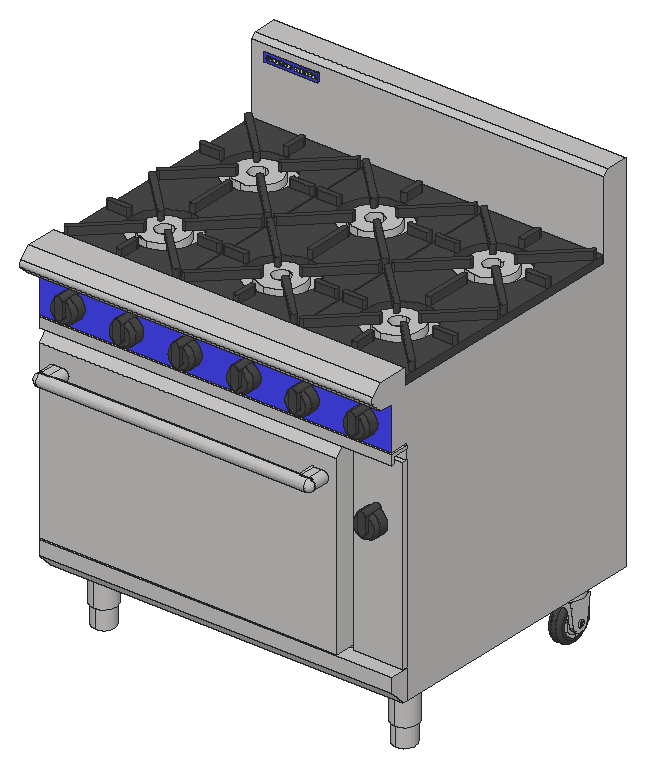
Revit family "QF_MOFFAT_BLUESEAL_CE_G506D", category Specialty Equipment, Revit 2012
Parameters
  Width = 900 mm  # constant formula
  Weight in Pounds = 460
  URL Cutsheet = "www.moffat.com"
  URL = "www.moffat.com"
  Type Mark [instance] = ""
  Status [instance] = ""
  Specification by User [instance] = ""
  Specification by Manufacturer = ""
  Show Logo [instance] = yes
  Show Clearance [instance] = yes
  Show Casters [instance] = yes
  Serial Number = ""
  Seismic Rating = ""
  SMACNA No = ""
  Revision Code [instance] = ""
  Omniclass Number and Title = ""
  NAFEM Spec ID Number = ""
  Model = "G506D"
  Mechanical Remarks = ""
  Mechanical Connection Type [instance] = ""
  Masterspec = ""
  Manufacturer = "MOFFAT BLUESEAL"
  Legs [instance] = not(Show Casters)  # no
  Item Number [instance] = ""
  Installed By [instance] = ""
  Identify Quantity as Lot [instance] = yes
  Height = 970 mm  # constant formula
  Gas Size = 3/4"
  Gas RI Height [instance] = 0 mm
  Gas KW [instance] = 51
  Gas Input [instance] = 174300.0 Btu/h
  Gas Connection Height = 0 mm
  Furnished By [instance] = ""
  Foodservice Equipment Identifier [instance] = yes
  Description = "900MM GAS RANGE WITH STATIC OVEN"
  Depth = 812 mm  # constant formula
  CSI MasterFormat = ""
  CSI Master Format = ""
  Body Finish = QF_Finishes_Stainless Steel
Reference planes
  plane 1 "BACK": y = 0
  plane 2: z = 0
  plane 3 "LEFT": x = 0
  plane 4 "RIGHT": x = 900
  plane 5 "FRONT": y = -812
  plane 6 "TOP": z = 970
  plane 7 "Center Y": x = 450
  plane 8 "Center X": y = -406
  plane 9: x = 280
  plane 10: y = -574.272
  plane 11: x = 60
  plane 12: y = -304.972
  plane 13: y = -364.972
  plane 14: x = 74
  plane 15: y = -812
  plane 16: x = 834.5
  plane 17: y = -32
  plane 18: z = 655
  plane 19: y = -100
  plane 20: z = 1085
  plane 21: y = -705
  plane 22: x = 65.8
  plane 23: x = 534.2
  plane 24: x = 834.2
Forms (mm)
  Extrusion 1, solid, material "QF_Finishes_Stainless Steel" <- "Body Finish"
    sketch origin (0, 0, 0) x (0, 1, 0) y (0, 0, 1)
      loop
        line (0, 150) -> (0, 1085) -> (-57.5, 1085) -> (-70, 1072.5) -> (-70, 875) -> (-705, 875) -> (-705, 915) -> (-783.97, 915) -> (-808.476, 890.494)
        arc (-808.476, 890.494) -> (-811.994, 882) -> (-808.476, 873.506) r 12.013
        line (-808.476, 873.506) -> (-784.97, 850) -> (-749, 850) -> (-749, 740) -> (-699, 740) -> (-699, 150) -> (0, 150)
    from 0 to 900
  Extrusion 2, solid, material "QF_Finishes_Stainless Steel"
    sketch origin (0, 7, 0) x (0, 1, 0) y (0, 0, 1)
      loop
        line (-706, 700) -> (-732, 700) -> (-756, 676) -> (-756, 227.5) -> (-706, 227.5) -> (-706, 700)
    from 0 to 760
  Extrusion 3, solid, material "QF_Finishes_Stainless Steel"
    sketch origin (723.5, 7, 0) x (0, 1, 0) y (0, 0, 1)
      loop
        line (-706, 700) -> (-721, 700) -> (-721, 227.5) -> (-706, 227.5) -> (-706, 700)
    from 51.5 to 176.5
  Revolve 4, solid, material "QF_Finishes_Stainless Steel" <- "Body Finish"
    sketch origin (834.5, -696.126, 0) x (0, 1, 0) y (0, 0, -1)
      loop
        line (39.376, -150) -> (71.126, -150) -> (71.126, 0) -> (43.626, 0) -> (43.626, -50) -> (39.376, -50) -> (39.376, -150)
      axis (71.126, -150) -> (71.126, 0)
    angle from 0 to 360
  Revolve 5, solid, material "QF_Finishes_Stainless Steel" <- "Body Finish"
    sketch origin (65.5, -696.126, 0) x (0, 1, 0) y (0, 0, 1)
      loop
        line (39.376, 150) -> (39.376, 50) -> (43.626, 50) -> (43.626, 0) -> (71.126, 0) -> (71.126, 150) -> (39.376, 150)
      axis (71.126, 150) -> (71.126, 0)
    angle from 0 to 360
  Extrusion 6, solid, material "QF_Finishes_Stainless Steel"
    sketch origin (-64.5, 0, 325) x (1, 0, 0) y (0, 1, 0)
      loop
        circle (834.5, -32) r 10
    from 330 to 371
  Revolve 7, solid, material "QF_Finishes_Black"
    sketch origin (839.351, 45.874, -0.118) x (0, 1, 0) y (0, 0, 1)
      loop
        line (-827.874, 829.5) -> (-838.874, 823.651) -> (-838.874, 797) -> (-794.874, 797) -> (-794.874, 802) -> (-804.874, 802) -> (-804.874, 829.5) -> (-827.874, 829.5)
      axis (-838.874, 797) -> (-794.874, 797)
    angle from 0 to 360
  Revolve 8, solid, material "QF_Finishes_Black"
    sketch origin (689.351, 45.874, -0.118) x (0, 1, 0) y (0, 0, 1)
      loop
        line (-827.874, 829.5) -> (-838.874, 823.651) -> (-838.874, 797) -> (-794.874, 797) -> (-794.874, 802) -> (-804.874, 802) -> (-804.874, 829.5) -> (-827.874, 829.5)
      axis (-838.874, 797) -> (-794.874, 797)
    angle from 0 to 360
  Revolve 9, solid, material "QF_Finishes_Black"
    sketch origin (90.649, 45.874, -0.118) x (0, 1, 0) y (0, 0, -1)
      loop
        line (-827.874, -829.5) -> (-804.874, -829.5) -> (-804.874, -802) -> (-794.874, -802) -> (-794.874, -797) -> (-838.874, -797) -> (-838.874, -823.651) -> (-827.874, -829.5)
      axis (-838.874, -797) -> (-794.874, -797)
    angle from 0 to 360
  Revolve 10, solid, material "QF_Finishes_Black"
    sketch origin (240.649, 45.874, -0.118) x (0, 1, 0) y (0, 0, -1)
      loop
        line (-827.874, -829.5) -> (-804.874, -829.5) -> (-804.874, -802) -> (-794.874, -802) -> (-794.874, -797) -> (-838.874, -797) -> (-838.874, -823.651) -> (-827.874, -829.5)
      axis (-838.874, -797) -> (-794.874, -797)
    angle from 0 to 360
  Revolve 11, solid, material "QF_Finishes_Black"
    sketch origin (390.625, 45.874, -0.118) x (0, 1, 0) y (0, 0, -1)
      loop
        line (-827.874, -829.5) -> (-804.874, -829.5) -> (-804.874, -802) -> (-794.874, -802) -> (-794.874, -797) -> (-838.874, -797) -> (-838.874, -823.651) -> (-827.874, -829.5)
      axis (-838.874, -797) -> (-794.874, -797)
    angle from 0 to 360
  Extrusion 12, solid, material "QF_Finishes_Black"
    sketch origin (238.456, 7, -0.118) x (-1, 0, 0) y (0, 0, -1)
      loop
        arc (158.3, -789) -> (148.3, -779) -> (138.3, -789) r 10
        line (138.3, -789) -> (138.3, -824)
        arc (138.3, -824) -> (148.3, -834) -> (158.3, -824) r 10
        line (158.3, -824) -> (158.3, -789)
    from 759 to 808
  Extrusion 13, solid, material "QF_Finishes_Black"
    sketch origin (388.456, 7, -0.118) x (-1, 0, 0) y (0, 0, -1)
      loop
        arc (158.3, -789) -> (148.3, -779) -> (138.3, -789) r 10
        line (138.3, -789) -> (138.3, -824)
        arc (138.3, -824) -> (148.3, -834) -> (158.3, -824) r 10
        line (158.3, -824) -> (158.3, -789)
    from 759 to 808
  Extrusion 14, solid, material "QF_Finishes_Black"
    sketch origin (691.544, 7, -0.118) x (1, 0, 0) y (0, 0, 1)
      loop
        line (158.3, 789) -> (158.3, 824)
        arc (158.3, 824) -> (148.3, 834) -> (138.3, 824) r 10
        line (138.3, 824) -> (138.3, 789)
        arc (138.3, 789) -> (148.3, 779) -> (158.3, 789) r 10
    from 759 to 808
  Extrusion 15, solid, material "QF_Finishes_Black"
    sketch origin (541.544, 7, -0.118) x (1, 0, 0) y (0, 0, 1)
      loop
        line (158.3, 789) -> (158.3, 824)
        arc (158.3, 824) -> (148.3, 834) -> (138.3, 824) r 10
        line (138.3, 824) -> (138.3, 789)
        arc (138.3, 789) -> (148.3, 779) -> (158.3, 789) r 10
    from 759 to 808
  Extrusion 16, solid, material "QF_Finishes_Black"
    sketch origin (538.432, 7, -0.118) x (-1, 0, 0) y (0, 0, -1)
      loop
        arc (158.3, -789) -> (148.3, -779) -> (138.3, -789) r 10
        line (138.3, -789) -> (138.3, -824)
        arc (138.3, -824) -> (148.3, -834) -> (158.3, -824) r 10
        line (158.3, -824) -> (158.3, -789)
    from 759 to 808
  Extrusion 17, solid, material "QF_Finishes_Black"
    sketch origin (688.432, 7, -0.118) x (-1, 0, 0) y (0, 0, -1)
      loop
        arc (158.3, -789) -> (148.3, -779) -> (138.3, -789) r 10
        line (138.3, -789) -> (138.3, -824)
        arc (138.3, -824) -> (148.3, -834) -> (158.3, -824) r 10
        line (158.3, -824) -> (158.3, -789)
    from 759 to 808
  Revolve 18, solid, material "QF_Finishes_Black"
    sketch origin (836.851, 80.874, -245.743) x (0, 1, 0) y (0, 0, 1)
      loop
        line (-827.874, 829.5) -> (-838.874, 823.651) -> (-838.874, 797) -> (-794.874, 797) -> (-794.874, 802) -> (-804.874, 802) -> (-804.874, 829.5) -> (-827.874, 829.5)
      axis (-838.874, 797) -> (-794.874, 797)
    angle from 0 to 360
  Extrusion 19, solid, material "QF_Finishes_Black"
    sketch origin (689.044, 42, -245.743) x (1, 0, 0) y (0, 0, 1)
      loop
        line (158.3, 789) -> (158.3, 824)
        arc (158.3, 824) -> (148.3, 834) -> (138.3, 824) r 10
        line (138.3, 824) -> (138.3, 789)
        arc (138.3, 789) -> (148.3, 779) -> (158.3, 789) r 10
    from 759 to 808
  Extrusion 20, solid, material "QF_Door-Drawer Clearances", visible <- "Show Clearance", detail levels coarse
    sketch origin (0, 7, 0) x (0, -1, 0) y (0, 0, 1)
      loop
        line (756, 697.347) -> (756, 227.5) -> (1225.847, 227.5)
        arc (1225.847, 227.5) -> (1088.232, 559.732) -> (756, 697.347) r 469.847
    from 0 to -760
  Extrusion 21, void
    sketch origin (0, 0, 220) x (1, 0, 0) y (0, 1, 0)
      loop
        line (824, -87) -> (824, 0) -> (694, 0) -> (694, -39) -> (744, -87) -> (824, -87)
    from 0 to 476
  Revolve 22, solid, material "QF_Finishes_Black"
    sketch origin (540.625, 45.874, -0.118) x (0, 1, 0) y (0, 0, -1)
      loop
        line (-827.874, -829.5) -> (-804.874, -829.5) -> (-804.874, -802) -> (-794.874, -802) -> (-794.874, -797) -> (-838.874, -797) -> (-838.874, -823.651) -> (-827.874, -829.5)
      axis (-838.874, -797) -> (-794.874, -797)
    angle from 0 to 360
  Extrusion 23, solid, material "QF_Finishes_Stainless Steel"
    sketch origin (0, -749, 227.5) x (0, 0, 1) y (-1, 0, 0)
      loop
        line (380.625, -38.246) -> (380.625, -58.528)
        arc (380.625, -58.528) -> (395.625, -73.528) -> (410.625, -58.528) r 15
        line (410.625, -58.528) -> (410.625, -38.246)
        arc (410.625, -38.246) -> (395.625, -23.246) -> (380.625, -38.246) r 15
      loop
        arc (380.625, -723.039) -> (395.625, -738.039) -> (410.625, -723.039) r 15
        line (410.625, -723.039) -> (410.625, -702.757)
        arc (410.625, -702.757) -> (395.625, -687.757) -> (380.625, -702.757) r 15
        line (380.625, -702.757) -> (380.625, -723.039)
    from 0 to 44
  Revolve 24, solid, material "QF_Finishes_Stainless Steel"
    sketch origin (0, -793, 0) x (1, 0, 0) y (0, 0, 1)
      loop
        arc (738.039, 623.125) -> (733.646, 633.732) -> (723.039, 638.125) r 15
        line (723.039, 638.125) -> (38.246, 638.125)
        arc (38.246, 638.125) -> (27.64, 633.732) -> (23.246, 623.125) r 15
        line (23.246, 623.125) -> (738.039, 623.125)
      axis (738.039, 623.125) -> (23.246, 623.125)
    angle from 0 to 360
  Extrusion 25, solid, material "QF_Finishes_Stainless Steel" <- "Body Finish"
    sketch origin (0, 7, 0) x (0, 1, 0) y (0, 0, 1)
      loop
        line (-756, 710) -> (-747.224, 710) -> (-749.613, 726.999) -> (-707.93, 726.999) -> (-707.93, 734.003) -> (-756, 734.003) -> (-756, 710)
    from 0 to 900
  Extrusion 26, solid, material "QF_Finishes_Stainless Steel" <- "Body Finish"
    sketch origin (0, 4.73, 0) x (0, 1, 0) y (0, 0, 1)
      loop
        line (-753.73, 222.5) -> (-753.73, 186) -> (-717.73, 150) -> (-703.73, 150) -> (-703.73, 222.5) -> (-753.73, 222.5)
    from 0 to 900
  Extrusion 27, solid, material "QF_Finishes_Stainless Steel", visible <- "Show Casters"
    sketch origin (71.501, 133.353, -8.783) x (0, 1, 0) y (0, 0, 1)
      loop
        line (-201.603, 118.783) -> (-265.103, 118.783) -> (-252.746, 53.895)
        arc (-252.746, 53.895) -> (-233.353, 38.783) -> (-213.959, 53.895) r 20
        line (-213.959, 53.895) -> (-201.603, 118.783)
    from -35.667 to 22.923
  Revolve 28, solid, material "QF_Finishes_Stainless Steel", visible <- "Show Casters"
    sketch origin (65, -203, 0) x (0, 1, 0) y (0, 0, 1)
      loop
        line (67.25, 150) -> (67.25, 110) -> (103, 110) -> (103, 150) -> (67.25, 150)
      axis (103, 150) -> (103, 110)
    angle from 0 to 360
  Revolve 29, solid, material "QF_Finishes_Stainless Steel", visible <- "Show Casters"
    sketch origin (834.5, -203, 0) x (0, 1, 0) y (0, 0, -1)
      loop
        line (67.25, -150) -> (103, -150) -> (103, -110) -> (67.25, -110) -> (67.25, -150)
      axis (103, -150) -> (103, -110)
    angle from 0 to 360
  Revolve 30, solid, material "QF_Finishes_Stainless Steel", visible <- "Show Casters"
    sketch origin (785.276, -99.755, -13.653) x (1, 0, 0) y (0, 0, 1)
      loop
        line (14.841, 64.453) -> (83.584, 64.453) -> (83.584, 67.958) -> (82.314, 69.228) -> (80.79, 69.228) -> (80.79, 72.674) -> (68.644, 72.674) -> (68.644, 82.639) -> (65.088, 84.692) -> (63.738, 93.028) -> (65.881, 93.028) -> (65.881, 99.378) -> (65.088, 99.378) -> (65.088, 105.728)
        arc (65.088, 105.728) -> (62.298, 112.463) -> (55.563, 115.253) r 9.525
        line (55.563, 115.253) -> (42.863, 115.253)
        arc (42.863, 115.253) -> (36.127, 112.463) -> (33.338, 105.728) r 9.525
        line (33.338, 105.728) -> (33.338, 99.378) -> (32.544, 99.378) -> (32.544, 93.028) -> (34.687, 93.028) -> (33.352, 84.781) -> (29.782, 82.719) -> (29.782, 72.674) -> (17.635, 72.674) -> (17.635, 69.228) -> (16.111, 69.228) -> (14.841, 67.958) -> (14.841, 64.453)
      axis (14.841, 64.453) -> (83.584, 64.453)
    angle from 0 to 360
  Extrusion 31, solid, material "QF_Finishes_Stainless Steel", visible <- "Show Casters"
    sketch origin (841.001, 133.353, -8.783) x (0, 1, 0) y (0, 0, 1)
      loop
        line (-201.603, 118.783) -> (-265.103, 118.783) -> (-252.746, 53.895)
        arc (-252.746, 53.895) -> (-233.353, 38.783) -> (-213.959, 53.895) r 20
        line (-213.959, 53.895) -> (-201.603, 118.783)
    from -35.667 to 22.923
  Revolve 32, solid, material "QF_Finishes_Stainless Steel", visible <- "Legs"
    sketch origin (65, -165, 0) x (0, 1, 0) y (0, 0, 1)
      loop
        line (33.25, 150) -> (33.25, 50) -> (37.5, 50) -> (37.5, 0) -> (65, 0) -> (65, 150) -> (33.25, 150)
      axis (65, 150) -> (65, 0)
    angle from 0 to 360
  Revolve 33, solid, material "QF_Finishes_Stainless Steel", visible <- "Legs"
    sketch origin (834.5, -165, 0) x (0, 1, 0) y (0, 0, -1)
      loop
        line (33.25, -150) -> (65, -150) -> (65, 0) -> (37.5, 0) -> (37.5, -50) -> (33.25, -50) -> (33.25, -150)
      axis (65, -150) -> (65, 0)
    angle from 0 to 360
  Revolve 34, solid, material "QF_Finishes_Stainless Steel", visible <- "Show Casters"
    sketch origin (114.224, -99.755, -13.653) x (-1, 0, 0) y (0, 0, -1)
      loop
        line (14.841, -64.453) -> (14.841, -67.958) -> (16.111, -69.228) -> (17.635, -69.228) -> (17.635, -72.674) -> (29.782, -72.674) -> (29.782, -82.719) -> (33.352, -84.781) -> (34.687, -93.028) -> (32.544, -93.028) -> (32.544, -99.378) -> (33.338, -99.378) -> (33.338, -105.728)
        arc (33.338, -105.728) -> (36.127, -112.463) -> (42.863, -115.253) r 9.525
        line (42.863, -115.253) -> (55.563, -115.253)
        arc (55.563, -115.253) -> (62.298, -112.463) -> (65.088, -105.728) r 9.525
        line (65.088, -105.728) -> (65.088, -99.378) -> (65.881, -99.378) -> (65.881, -93.028) -> (63.738, -93.028) -> (65.088, -84.692) -> (68.644, -82.639) -> (68.644, -72.674) -> (80.79, -72.674) -> (80.79, -69.228) -> (82.314, -69.228) -> (83.584, -67.958) -> (83.584, -64.453) -> (14.841, -64.453)
      axis (14.841, -64.453) -> (83.584, -64.453)
    angle from 0 to 360
  Extrusion 35, solid, material "QF_Finishes_Black"
    sketch origin (0, -70, 875) x (0, -1, 0) y (1, 0, 0)
      loop
        arc (1, 4) -> (1.879, 1.879) -> (4, 1) r 3
        line (4, 1) -> (632, 1)
        arc (632, 1) -> (634.121, 1.879) -> (635, 4) r 3
        line (635, 4) -> (635, 297)
        arc (635, 297) -> (634.121, 299.121) -> (632, 300) r 3
        line (632, 300) -> (4, 300)
        arc (4, 300) -> (1.879, 299.121) -> (1, 297) r 3
        line (1, 297) -> (1, 4)
      loop
        circle (167.5, 150) r 85
      loop
        circle (467.768, 150) r 85
    from 0 to 19.5
  Extrusion 36, solid, material "QF_Finishes_Black"
    sketch origin (0, -73.5, 894.5) x (0, -1, 0) y (1, 0, 0)
      loop
        spline (323.602, 15.153) -> (322.681, 13.924) -> (322.131, 12.47) -> (321.99, 10.89) -> (322.267, 9.292) -> (322.943, 7.786) -> (323.973, 6.473) -> (325.286, 5.443) -> (326.792, 4.767) -> (328.39, 4.49) -> (329.97, 4.631) -> (331.424, 5.181) -> (332.653, 6.102)
        line (332.653, 6.102) -> (440.576, 114.025)
        spline (440.576, 114.025) -> (441.337, 115.095) -> (441.738, 116.399) -> (441.751, 117.851) -> (441.375, 119.35) -> (440.637, 120.795) -> (439.586, 122.086) -> (438.295, 123.137) -> (436.85, 123.875) -> (435.351, 124.251) -> (433.899, 124.238) -> (432.595, 123.837) -> (431.525, 123.076)
        line (431.525, 123.076) -> (323.602, 15.153)
      loop
        spline (371.852, 143.6) -> (373.146, 143.818) -> (374.352, 144.457) -> (375.388, 145.475) -> (376.182, 146.8) -> (376.682, 148.344) -> (376.852, 150) -> (376.682, 151.656) -> (376.182, 153.2) -> (375.388, 154.525) -> (374.352, 155.543) -> (373.146, 156.182) -> (371.852, 156.4)
        line (371.852, 156.4) -> (259.398, 156.4)
        spline (259.398, 156.4) -> (258.104, 156.182) -> (256.898, 155.543) -> (255.862, 154.525) -> (255.068, 153.2) -> (254.568, 151.656) -> (254.398, 150) -> (254.568, 148.344) -> (255.068, 146.8) -> (255.862, 145.475) -> (256.898, 144.457) -> (258.104, 143.818) -> (259.398, 143.6)
        line (259.398, 143.6) -> (371.852, 143.6)
      loop
        line (311.398, 15.153) -> (203.475, 123.076)
        spline (203.475, 123.076) -> (202.405, 123.837) -> (201.101, 124.238) -> (199.649, 124.251) -> (198.15, 123.875) -> (196.705, 123.137) -> (195.414, 122.086) -> (194.363, 120.795) -> (193.625, 119.35) -> (193.249, 117.851) -> (193.262, 116.399) -> (193.663, 115.095) -> (194.424, 114.025)
        line (194.424, 114.025) -> (302.347, 6.102)
        spline (302.347, 6.102) -> (303.416, 5.341) -> (304.721, 4.941) -> (306.172, 4.928) -> (307.671, 5.303) -> (309.116, 6.041) -> (310.408, 7.092) -> (311.459, 8.384) -> (312.197, 9.829) -> (312.572, 11.328) -> (312.559, 12.779) -> (312.159, 14.084) -> (311.398, 15.153)
      loop
        line (323.602, 284.847) -> (431.525, 176.924)
        spline (431.525, 176.924) -> (432.595, 176.163) -> (433.899, 175.762) -> (435.351, 175.749) -> (436.85, 176.125) -> (438.295, 176.863) -> (439.586, 177.914) -> (440.637, 179.205) -> (441.375, 180.65) -> (441.751, 182.149) -> (441.738, 183.601) -> (441.337, 184.905) -> (440.576, 185.975)
        line (440.576, 185.975) -> (332.653, 293.898)
        spline (332.653, 293.898) -> (331.424, 294.819) -> (329.97, 295.369) -> (328.39, 295.51) -> (326.792, 295.233) -> (325.286, 294.557) -> (323.973, 293.527) -> (322.943, 292.214) -> (322.267, 290.708) -> (321.99, 289.11) -> (322.131, 287.53) -> (322.681, 286.076) -> (323.602, 284.847)
      loop
        spline (311.398, 284.847) -> (312.159, 285.916) -> (312.559, 287.221) -> (312.572, 288.672) -> (312.197, 290.171) -> (311.459, 291.616) -> (310.408, 292.908) -> (309.116, 293.959) -> (307.671, 294.697) -> (306.172, 295.072) -> (304.721, 295.059) -> (303.416, 294.659) -> (302.347, 293.898)
        line (302.347, 293.898) -> (194.424, 185.975)
        spline (194.424, 185.975) -> (193.663, 184.905) -> (193.262, 183.601) -> (193.249, 182.149) -> (193.625, 180.65) -> (194.363, 179.205) -> (195.414, 177.914) -> (196.705, 176.863) -> (198.15, 176.125) -> (199.649, 175.749) -> (201.101, 175.762) -> (202.405, 176.163) -> (203.475, 176.924)
        line (203.475, 176.924) -> (311.398, 284.847)
      loop
        spline (73.549, 143.6) -> (74.844, 143.818) -> (76.049, 144.457) -> (77.085, 145.475) -> (77.88, 146.8) -> (78.379, 148.344) -> (78.549, 150) -> (78.379, 151.656) -> (77.88, 153.2) -> (77.085, 154.525) -> (76.049, 155.543) -> (74.844, 156.182) -> (73.549, 156.4)
        line (73.549, 156.4) -> (25.093, 156.4)
        spline (25.093, 156.4) -> (23.799, 156.182) -> (22.593, 155.543) -> (21.558, 154.525) -> (20.763, 153.2) -> (20.264, 151.656) -> (20.093, 150) -> (20.264, 148.344) -> (20.763, 146.8) -> (21.558, 145.475) -> (22.593, 144.457) -> (23.799, 143.818) -> (25.093, 143.6)
        line (25.093, 143.6) -> (73.549, 143.6)
      loop
        spline (608.1, 143.6) -> (609.394, 143.818) -> (610.6, 144.457) -> (611.636, 145.475) -> (612.43, 146.8) -> (612.93, 148.344) -> (613.1, 150) -> (612.93, 151.656) -> (612.43, 153.2) -> (611.636, 154.525) -> (610.6, 155.543) -> (609.394, 156.182) -> (608.1, 156.4)
        line (608.1, 156.4) -> (558.644, 156.4)
        spline (558.644, 156.4) -> (557.35, 156.182) -> (556.144, 155.543) -> (555.108, 154.525) -> (554.314, 153.2) -> (553.814, 151.656) -> (553.644, 150) -> (553.814, 148.344) -> (554.314, 146.8) -> (555.108, 145.475) -> (556.144, 144.457) -> (557.35, 143.818) -> (558.644, 143.6)
        line (558.644, 143.6) -> (608.1, 143.6)
      loop
        spline (457.6, 10.156) -> (457.818, 8.862) -> (458.457, 7.656) -> (459.475, 6.62) -> (460.8, 5.826) -> (462.344, 5.326) -> (464, 5.156) -> (465.656, 5.326) -> (467.2, 5.826) -> (468.525, 6.62) -> (469.543, 7.656) -> (470.182, 8.862) -> (470.4, 10.156)
        line (470.4, 10.156) -> (470.4, 58.612)
        spline (470.4, 58.612) -> (470.182, 59.906) -> (469.543, 61.112) -> (468.525, 62.148) -> (467.2, 62.942) -> (465.656, 63.442) -> (464, 63.612) -> (462.344, 63.442) -> (460.8, 62.942) -> (459.475, 62.148) -> (458.457, 61.112) -> (457.818, 59.906) -> (457.6, 58.612)
        line (457.6, 58.612) -> (457.6, 10.156)
      loop
        spline (160.966, 10.156) -> (161.184, 8.862) -> (161.823, 7.656) -> (162.841, 6.62) -> (164.166, 5.826) -> (165.71, 5.326) -> (167.366, 5.156) -> (169.022, 5.326) -> (170.566, 5.826) -> (171.892, 6.62) -> (172.909, 7.656) -> (173.548, 8.862) -> (173.766, 10.156)
        line (173.766, 10.156) -> (173.766, 58.612)
        spline (173.766, 58.612) -> (173.548, 59.906) -> (172.909, 61.112) -> (171.892, 62.148) -> (170.566, 62.942) -> (169.022, 63.442) -> (167.366, 63.612) -> (165.71, 63.442) -> (164.166, 62.942) -> (162.841, 62.148) -> (161.823, 61.112) -> (161.184, 59.906) -> (160.966, 58.612)
        line (160.966, 58.612) -> (160.966, 10.156)
      loop
        spline (457.6, 241.636) -> (457.818, 240.342) -> (458.457, 239.136) -> (459.475, 238.1) -> (460.8, 237.306) -> (462.344, 236.806) -> (464, 236.636) -> (465.656, 236.806) -> (467.2, 237.306) -> (468.525, 238.1) -> (469.543, 239.136) -> (470.182, 240.342) -> (470.4, 241.636)
        line (470.4, 241.636) -> (470.4, 290.092)
        spline (470.4, 290.092) -> (470.182, 291.386) -> (469.543, 292.592) -> (468.525, 293.628) -> (467.2, 294.422) -> (465.656, 294.922) -> (464, 295.092) -> (462.344, 294.922) -> (460.8, 294.422) -> (459.475, 293.628) -> (458.457, 292.592) -> (457.818, 291.386) -> (457.6, 290.092)
        line (457.6, 290.092) -> (457.6, 241.636)
      loop
        spline (160.966, 241.636) -> (161.184, 240.342) -> (161.823, 239.136) -> (162.841, 238.1) -> (164.166, 237.306) -> (165.71, 236.806) -> (167.366, 236.636) -> (169.022, 236.806) -> (170.566, 237.306) -> (171.892, 238.1) -> (172.909, 239.136) -> (173.548, 240.342) -> (173.766, 241.636)
        line (173.766, 241.636) -> (173.766, 290.092)
        spline (173.766, 290.092) -> (173.548, 291.386) -> (172.909, 292.592) -> (171.892, 293.628) -> (170.566, 294.422) -> (169.022, 294.922) -> (167.366, 295.092) -> (165.71, 294.922) -> (164.166, 294.422) -> (162.841, 293.628) -> (161.823, 292.592) -> (161.184, 291.386) -> (160.966, 290.092)
        line (160.966, 290.092) -> (160.966, 241.636)
      loop
        line (604.398, 15.153) -> (496.475, 123.076)
        spline (496.475, 123.076) -> (495.405, 123.837) -> (494.101, 124.238) -> (492.649, 124.251) -> (491.15, 123.875) -> (489.705, 123.137) -> (488.414, 122.086) -> (487.363, 120.795) -> (486.625, 119.35) -> (486.249, 117.851) -> (486.262, 116.399) -> (486.663, 115.095) -> (487.424, 114.025)
        line (487.424, 114.025) -> (595.347, 6.102)
        spline (595.347, 6.102) -> (596.576, 5.181) -> (598.03, 4.631) -> (599.61, 4.49) -> (601.208, 4.767) -> (602.714, 5.443) -> (604.027, 6.473) -> (605.057, 7.786) -> (605.733, 9.292) -> (606.01, 10.89) -> (605.869, 12.47) -> (605.319, 13.924) -> (604.398, 15.153)
      loop
        spline (604.398, 284.847) -> (605.319, 286.076) -> (605.869, 287.53) -> (606.01, 289.11) -> (605.733, 290.708) -> (605.057, 292.214) -> (604.027, 293.527) -> (602.714, 294.557) -> (601.208, 295.233) -> (599.61, 295.51) -> (598.03, 295.369) -> (596.576, 294.819) -> (595.347, 293.898)
        line (595.347, 293.898) -> (487.424, 185.975)
        spline (487.424, 185.975) -> (486.663, 184.905) -> (486.262, 183.601) -> (486.249, 182.149) -> (486.625, 180.65) -> (487.363, 179.205) -> (488.414, 177.914) -> (489.705, 176.863) -> (491.15, 176.125) -> (492.649, 175.749) -> (494.101, 175.762) -> (495.405, 176.163) -> (496.475, 176.924)
        line (496.475, 176.924) -> (604.398, 284.847)
      loop
        spline (16.602, 15.153) -> (15.841, 14.084) -> (15.441, 12.779) -> (15.428, 11.328) -> (15.803, 9.829) -> (16.541, 8.384) -> (17.592, 7.092) -> (18.884, 6.041) -> (20.329, 5.303) -> (21.828, 4.928) -> (23.279, 4.941) -> (24.584, 5.341) -> (25.653, 6.102)
        line (25.653, 6.102) -> (133.576, 114.025)
        spline (133.576, 114.025) -> (134.337, 115.095) -> (134.738, 116.399) -> (134.751, 117.851) -> (134.375, 119.35) -> (133.637, 120.795) -> (132.586, 122.086) -> (131.295, 123.137) -> (129.85, 123.875) -> (128.351, 124.251) -> (126.899, 124.238) -> (125.595, 123.837) -> (124.525, 123.076)
        line (124.525, 123.076) -> (16.602, 15.153)
      loop
        line (16.602, 284.847) -> (124.525, 176.924)
        spline (124.525, 176.924) -> (125.595, 176.163) -> (126.899, 175.762) -> (128.351, 175.749) -> (129.85, 176.125) -> (131.295, 176.863) -> (132.586, 177.914) -> (133.637, 179.205) -> (134.375, 180.65) -> (134.751, 182.149) -> (134.738, 183.601) -> (134.337, 184.905) -> (133.576, 185.975)
        line (133.576, 185.975) -> (25.653, 293.898)
        spline (25.653, 293.898) -> (24.584, 294.659) -> (23.279, 295.059) -> (21.828, 295.072) -> (20.329, 294.697) -> (18.884, 293.959) -> (17.592, 292.908) -> (16.541, 291.616) -> (15.803, 290.171) -> (15.428, 288.672) -> (15.441, 287.221) -> (15.841, 285.916) -> (16.602, 284.847)
      loop
        line (323.602, 584.847) -> (431.525, 476.924)
        spline (431.525, 476.924) -> (432.595, 476.163) -> (433.899, 475.762) -> (435.351, 475.749) -> (436.85, 476.125) -> (438.295, 476.863) -> (439.586, 477.914) -> (440.637, 479.205) -> (441.375, 480.65) -> (441.751, 482.149) -> (441.738, 483.601) -> (441.337, 484.905) -> (440.576, 485.975)
        line (440.576, 485.975) -> (332.653, 593.898)
        spline (332.653, 593.898) -> (331.424, 594.819) -> (329.97, 595.369) -> (328.39, 595.51) -> (326.792, 595.233) -> (325.286, 594.557) -> (323.973, 593.527) -> (322.943, 592.214) -> (322.267, 590.708) -> (321.99, 589.11) -> (322.131, 587.53) -> (322.681, 586.076) -> (323.602, 584.847)
      loop
        line (371.852, 456.4) -> (259.398, 456.4)
        spline (259.398, 456.4) -> (258.104, 456.182) -> (256.898, 455.543) -> (255.862, 454.525) -> (255.068, 453.2) -> (254.568, 451.656) -> (254.398, 450) -> (254.568, 448.344) -> (255.068, 446.8) -> (255.862, 445.475) -> (256.898, 444.457) -> (258.104, 443.818) -> (259.398, 443.6)
        line (259.398, 443.6) -> (371.852, 443.6)
        spline (371.852, 443.6) -> (373.146, 443.818) -> (374.352, 444.457) -> (375.388, 445.475) -> (376.182, 446.8) -> (376.682, 448.344) -> (376.852, 450) -> (376.682, 451.656) -> (376.182, 453.2) -> (375.388, 454.525) -> (374.352, 455.543) -> (373.146, 456.182) -> (371.852, 456.4)
      loop
        spline (311.398, 584.847) -> (312.159, 585.916) -> (312.559, 587.221) -> (312.572, 588.672) -> (312.197, 590.171) -> (311.459, 591.616) -> (310.408, 592.908) -> (309.116, 593.959) -> (307.671, 594.697) -> (306.172, 595.072) -> (304.721, 595.059) -> (303.416, 594.659) -> (302.347, 593.898)
        line (302.347, 593.898) -> (194.424, 485.975)
        spline (194.424, 485.975) -> (193.663, 484.905) -> (193.262, 483.601) -> (193.249, 482.149) -> (193.625, 480.65) -> (194.363, 479.205) -> (195.414, 477.914) -> (196.705, 476.863) -> (198.15, 476.125) -> (199.649, 475.749) -> (201.101, 475.762) -> (202.405, 476.163) -> (203.475, 476.924)
        line (203.475, 476.924) -> (311.398, 584.847)
      loop
        spline (323.602, 315.153) -> (322.681, 313.924) -> (322.131, 312.47) -> (321.99, 310.89) -> (322.267, 309.292) -> (322.943, 307.786) -> (323.973, 306.473) -> (325.286, 305.443) -> (326.792, 304.767) -> (328.39, 304.49) -> (329.97, 304.631) -> (331.424, 305.181) -> (332.653, 306.102)
        line (332.653, 306.102) -> (440.576, 414.025)
        spline (440.576, 414.025) -> (441.337, 415.095) -> (441.738, 416.399) -> (441.751, 417.851) -> (441.375, 419.35) -> (440.637, 420.795) -> (439.586, 422.086) -> (438.295, 423.137) -> (436.85, 423.875) -> (435.351, 424.251) -> (433.899, 424.238) -> (432.595, 423.837) -> (431.525, 423.076)
        line (431.525, 423.076) -> (323.602, 315.153)
      loop
        line (311.398, 315.153) -> (203.475, 423.076)
        spline (203.475, 423.076) -> (202.405, 423.837) -> (201.101, 424.238) -> (199.649, 424.251) -> (198.15, 423.875) -> (196.705, 423.137) -> (195.414, 422.086) -> (194.363, 420.795) -> (193.625, 419.35) -> (193.249, 417.851) -> (193.262, 416.399) -> (193.663, 415.095) -> (194.424, 414.025)
        line (194.424, 414.025) -> (302.347, 306.102)
        spline (302.347, 306.102) -> (303.416, 305.341) -> (304.721, 304.941) -> (306.172, 304.928) -> (307.671, 305.303) -> (309.116, 306.041) -> (310.408, 307.092) -> (311.459, 308.384) -> (312.197, 309.829) -> (312.572, 311.328) -> (312.559, 312.779) -> (312.159, 314.084) -> (311.398, 315.153)
      loop
        line (73.549, 456.4) -> (25.093, 456.4)
        spline (25.093, 456.4) -> (23.799, 456.182) -> (22.593, 455.543) -> (21.558, 454.525) -> (20.763, 453.2) -> (20.264, 451.656) -> (20.093, 450) -> (20.264, 448.344) -> (20.763, 446.8) -> (21.558, 445.475) -> (22.593, 444.457) -> (23.799, 443.818) -> (25.093, 443.6)
        line (25.093, 443.6) -> (73.549, 443.6)
        spline (73.549, 443.6) -> (74.844, 443.818) -> (76.049, 444.457) -> (77.085, 445.475) -> (77.88, 446.8) -> (78.379, 448.344) -> (78.549, 450) -> (78.379, 451.656) -> (77.88, 453.2) -> (77.085, 454.525) -> (76.049, 455.543) -> (74.844, 456.182) -> (73.549, 456.4)
      loop
        line (608.1, 456.4) -> (558.644, 456.4)
        spline (558.644, 456.4) -> (557.35, 456.182) -> (556.144, 455.543) -> (555.108, 454.525) -> (554.314, 453.2) -> (553.814, 451.656) -> (553.644, 450) -> (553.814, 448.344) -> (554.314, 446.8) -> (555.108, 445.475) -> (556.144, 444.457) -> (557.35, 443.818) -> (558.644, 443.6)
        line (558.644, 443.6) -> (608.1, 443.6)
        spline (608.1, 443.6) -> (609.394, 443.818) -> (610.6, 444.457) -> (611.636, 445.475) -> (612.43, 446.8) -> (612.93, 448.344) -> (613.1, 450) -> (612.93, 451.656) -> (612.43, 453.2) -> (611.636, 454.525) -> (610.6, 455.543) -> (609.394, 456.182) -> (608.1, 456.4)
      loop
        line (457.6, 589.844) -> (457.6, 541.388)
        spline (457.6, 541.388) -> (457.818, 540.094) -> (458.457, 538.888) -> (459.475, 537.852) -> (460.8, 537.058) -> (462.344, 536.558) -> (464, 536.388) -> (465.656, 536.558) -> (467.2, 537.058) -> (468.525, 537.852) -> (469.543, 538.888) -> (470.182, 540.094) -> (470.4, 541.388)
        line (470.4, 541.388) -> (470.4, 589.844)
        spline (470.4, 589.844) -> (470.182, 591.138) -> (469.543, 592.344) -> (468.525, 593.38) -> (467.2, 594.174) -> (465.656, 594.674) -> (464, 594.844) -> (462.344, 594.674) -> (460.8, 594.174) -> (459.475, 593.38) -> (458.457, 592.344) -> (457.818, 591.138) -> (457.6, 589.844)
      loop
        line (160.966, 589.844) -> (160.966, 541.388)
        spline (160.966, 541.388) -> (161.184, 540.094) -> (161.823, 538.888) -> (162.841, 537.852) -> (164.166, 537.058) -> (165.71, 536.558) -> (167.366, 536.388) -> (169.022, 536.558) -> (170.566, 537.058) -> (171.892, 537.852) -> (172.909, 538.888) -> (173.548, 540.094) -> (173.766, 541.388)
        line (173.766, 541.388) -> (173.766, 589.844)
        spline (173.766, 589.844) -> (173.548, 591.138) -> (172.909, 592.344) -> (171.892, 593.38) -> (170.566, 594.174) -> (169.022, 594.674) -> (167.366, 594.844) -> (165.71, 594.674) -> (164.166, 594.174) -> (162.841, 593.38) -> (161.823, 592.344) -> (161.184, 591.138) -> (160.966, 589.844)
      loop
        line (457.6, 358.364) -> (457.6, 309.908)
        spline (457.6, 309.908) -> (457.818, 308.614) -> (458.457, 307.408) -> (459.475, 306.372) -> (460.8, 305.578) -> (462.344, 305.078) -> (464, 304.908) -> (465.656, 305.078) -> (467.2, 305.578) -> (468.525, 306.372) -> (469.543, 307.408) -> (470.182, 308.614) -> (470.4, 309.908)
        line (470.4, 309.908) -> (470.4, 358.364)
        spline (470.4, 358.364) -> (470.182, 359.658) -> (469.543, 360.864) -> (468.525, 361.9) -> (467.2, 362.694) -> (465.656, 363.194) -> (464, 363.364) -> (462.344, 363.194) -> (460.8, 362.694) -> (459.475, 361.9) -> (458.457, 360.864) -> (457.818, 359.658) -> (457.6, 358.364)
      loop
        line (160.966, 358.364) -> (160.966, 309.908)
        spline (160.966, 309.908) -> (161.184, 308.614) -> (161.823, 307.408) -> (162.841, 306.372) -> (164.166, 305.578) -> (165.71, 305.078) -> (167.366, 304.908) -> (169.022, 305.078) -> (170.566, 305.578) -> (171.892, 306.372) -> (172.909, 307.408) -> (173.548, 308.614) -> (173.766, 309.908)
        line (173.766, 309.908) -> (173.766, 358.364)
        spline (173.766, 358.364) -> (173.548, 359.658) -> (172.909, 360.864) -> (171.892, 361.9) -> (170.566, 362.694) -> (169.022, 363.194) -> (167.366, 363.364) -> (165.71, 363.194) -> (164.166, 362.694) -> (162.841, 361.9) -> (161.823, 360.864) -> (161.184, 359.658) -> (160.966, 358.364)
      loop
        spline (604.398, 584.847) -> (605.319, 586.076) -> (605.869, 587.53) -> (606.01, 589.11) -> (605.733, 590.708) -> (605.057, 592.214) -> (604.027, 593.527) -> (602.714, 594.557) -> (601.208, 595.233) -> (599.61, 595.51) -> (598.03, 595.369) -> (596.576, 594.819) -> (595.347, 593.898)
        line (595.347, 593.898) -> (487.424, 485.975)
        spline (487.424, 485.975) -> (486.663, 484.905) -> (486.262, 483.601) -> (486.249, 482.149) -> (486.625, 480.65) -> (487.363, 479.205) -> (488.414, 477.914) -> (489.705, 476.863) -> (491.15, 476.125) -> (492.649, 475.749) -> (494.101, 475.762) -> (495.405, 476.163) -> (496.475, 476.924)
        line (496.475, 476.924) -> (604.398, 584.847)
      loop
        line (604.398, 315.153) -> (496.475, 423.076)
        spline (496.475, 423.076) -> (495.405, 423.837) -> (494.101, 424.238) -> (492.649, 424.251) -> (491.15, 423.875) -> (489.705, 423.137) -> (488.414, 422.086) -> (487.363, 420.795) -> (486.625, 419.35) -> (486.249, 417.851) -> (486.262, 416.399) -> (486.663, 415.095) -> (487.424, 414.025)
        line (487.424, 414.025) -> (595.347, 306.102)
        spline (595.347, 306.102) -> (596.576, 305.181) -> (598.03, 304.631) -> (599.61, 304.49) -> (601.208, 304.767) -> (602.714, 305.443) -> (604.027, 306.473) -> (605.057, 307.786) -> (605.733, 309.292) -> (606.01, 310.89) -> (605.869, 312.47) -> (605.319, 313.924) -> (604.398, 315.153)
      loop
        line (16.602, 584.847) -> (124.525, 476.924)
        spline (124.525, 476.924) -> (125.595, 476.163) -> (126.899, 475.762) -> (128.351, 475.749) -> (129.85, 476.125) -> (131.295, 476.863) -> (132.586, 477.914) -> (133.637, 479.205) -> (134.375, 480.65) -> (134.751, 482.149) -> (134.738, 483.601) -> (134.337, 484.905) -> (133.576, 485.975)
        line (133.576, 485.975) -> (25.653, 593.898)
        spline (25.653, 593.898) -> (24.584, 594.659) -> (23.279, 595.059) -> (21.828, 595.072) -> (20.329, 594.697) -> (18.884, 593.959) -> (17.592, 592.908) -> (16.541, 591.616) -> (15.803, 590.171) -> (15.428, 588.672) -> (15.441, 587.221) -> (15.841, 585.916) -> (16.602, 584.847)
      loop
        spline (16.602, 315.153) -> (15.841, 314.084) -> (15.441, 312.779) -> (15.428, 311.328) -> (15.803, 309.829) -> (16.541, 308.384) -> (17.592, 307.092) -> (18.884, 306.041) -> (20.329, 305.303) -> (21.828, 304.928) -> (23.279, 304.941) -> (24.584, 305.341) -> (25.653, 306.102)
        line (25.653, 306.102) -> (133.576, 414.025)
        spline (133.576, 414.025) -> (134.337, 415.095) -> (134.738, 416.399) -> (134.751, 417.851) -> (134.375, 419.35) -> (133.637, 420.795) -> (132.586, 422.086) -> (131.295, 423.137) -> (129.85, 423.875) -> (128.351, 424.251) -> (126.899, 424.238) -> (125.595, 423.837) -> (124.525, 423.076)
        line (124.525, 423.076) -> (16.602, 315.153)
      loop
        spline (323.602, 617.987) -> (322.681, 616.757) -> (322.131, 615.303) -> (321.99, 613.724) -> (322.267, 612.126) -> (322.943, 610.62) -> (323.973, 609.307) -> (325.286, 608.277) -> (326.792, 607.601) -> (328.39, 607.324) -> (329.97, 607.465) -> (331.424, 608.015) -> (332.653, 608.936)
        line (332.653, 608.936) -> (440.576, 716.859)
        spline (440.576, 716.859) -> (441.337, 717.928) -> (441.738, 719.233) -> (441.751, 720.684) -> (441.375, 722.184) -> (440.637, 723.628) -> (439.586, 724.92) -> (438.295, 725.971) -> (436.85, 726.709) -> (435.351, 727.084) -> (433.899, 727.071) -> (432.595, 726.671) -> (431.525, 725.91)
        line (431.525, 725.91) -> (323.602, 617.987)
      loop
        spline (371.852, 746.434) -> (373.146, 746.652) -> (374.352, 747.291) -> (375.388, 748.308) -> (376.182, 749.634) -> (376.682, 751.177) -> (376.852, 752.834) -> (376.682, 754.49) -> (376.182, 756.034) -> (375.388, 757.359) -> (374.352, 758.376) -> (373.146, 759.016) -> (371.852, 759.234)
        line (371.852, 759.234) -> (259.398, 759.234)
        spline (259.398, 759.234) -> (258.104, 759.016) -> (256.898, 758.376) -> (255.862, 757.359) -> (255.068, 756.034) -> (254.568, 754.49) -> (254.398, 752.834) -> (254.568, 751.177) -> (255.068, 749.634) -> (255.862, 748.308) -> (256.898, 747.291) -> (258.104, 746.652) -> (259.398, 746.434)
        line (259.398, 746.434) -> (371.852, 746.434)
      loop
        line (311.398, 617.987) -> (203.475, 725.91)
        spline (203.475, 725.91) -> (202.405, 726.671) -> (201.101, 727.071) -> (199.649, 727.084) -> (198.15, 726.709) -> (196.705, 725.971) -> (195.414, 724.92) -> (194.363, 723.628) -> (193.625, 722.184) -> (193.249, 720.684) -> (193.262, 719.233) -> (193.663, 717.928) -> (194.424, 716.859)
        line (194.424, 716.859) -> (302.347, 608.936)
        spline (302.347, 608.936) -> (303.416, 608.175) -> (304.721, 607.775) -> (306.172, 607.761) -> (307.671, 608.137) -> (309.116, 608.875) -> (310.408, 609.926) -> (311.459, 611.218) -> (312.197, 612.662) -> (312.572, 614.161) -> (312.559, 615.613) -> (312.159, 616.918) -> (311.398, 617.987)
      loop
        line (323.602, 887.68) -> (431.525, 779.757)
        spline (431.525, 779.757) -> (432.595, 778.997) -> (433.899, 778.596) -> (435.351, 778.583) -> (436.85, 778.958) -> (438.295, 779.697) -> (439.586, 780.747) -> (440.637, 782.039) -> (441.375, 783.484) -> (441.751, 784.983) -> (441.738, 786.434) -> (441.337, 787.739) -> (440.576, 788.808)
        line (440.576, 788.808) -> (332.653, 896.731)
        spline (332.653, 896.731) -> (331.424, 897.653) -> (329.97, 898.202) -> (328.39, 898.344) -> (326.792, 898.067) -> (325.286, 897.39) -> (323.973, 896.361) -> (322.943, 895.048) -> (322.267, 893.541) -> (321.99, 891.944) -> (322.131, 890.364) -> (322.681, 888.91) -> (323.602, 887.68)
      loop
        spline (311.398, 887.68) -> (312.159, 888.75) -> (312.559, 890.055) -> (312.572, 891.506) -> (312.197, 893.005) -> (311.459, 894.45) -> (310.408, 895.741) -> (309.116, 896.792) -> (307.671, 897.531) -> (306.172, 897.906) -> (304.721, 897.893) -> (303.416, 897.492) -> (302.347, 896.731)
        line (302.347, 896.731) -> (194.424, 788.808)
        spline (194.424, 788.808) -> (193.663, 787.739) -> (193.262, 786.434) -> (193.249, 784.983) -> (193.625, 783.484) -> (194.363, 782.039) -> (195.414, 780.747) -> (196.705, 779.697) -> (198.15, 778.958) -> (199.649, 778.583) -> (201.101, 778.596) -> (202.405, 778.997) -> (203.475, 779.757)
        line (203.475, 779.757) -> (311.398, 887.68)
      loop
        spline (73.549, 746.434) -> (74.844, 746.652) -> (76.049, 747.291) -> (77.085, 748.308) -> (77.88, 749.634) -> (78.379, 751.177) -> (78.549, 752.834) -> (78.379, 754.49) -> (77.88, 756.034) -> (77.085, 757.359) -> (76.049, 758.376) -> (74.844, 759.016) -> (73.549, 759.234)
        line (73.549, 759.234) -> (25.093, 759.234)
        spline (25.093, 759.234) -> (23.799, 759.016) -> (22.593, 758.376) -> (21.558, 757.359) -> (20.763, 756.034) -> (20.264, 754.49) -> (20.093, 752.834) -> (20.264, 751.177) -> (20.763, 749.634) -> (21.558, 748.308) -> (22.593, 747.291) -> (23.799, 746.652) -> (25.093, 746.434)
        line (25.093, 746.434) -> (73.549, 746.434)
      loop
        spline (608.1, 746.434) -> (609.394, 746.652) -> (610.6, 747.291) -> (611.636, 748.308) -> (612.43, 749.634) -> (612.93, 751.177) -> (613.1, 752.834) -> (612.93, 754.49) -> (612.43, 756.034) -> (611.636, 757.359) -> (610.6, 758.376) -> (609.394, 759.016) -> (608.1, 759.234)
        line (608.1, 759.234) -> (558.644, 759.234)
        spline (558.644, 759.234) -> (557.35, 759.016) -> (556.144, 758.376) -> (555.108, 757.359) -> (554.314, 756.034) -> (553.814, 754.49) -> (553.644, 752.834) -> (553.814, 751.177) -> (554.314, 749.634) -> (555.108, 748.308) -> (556.144, 747.291) -> (557.35, 746.652) -> (558.644, 746.434)
        line (558.644, 746.434) -> (608.1, 746.434)
      loop
        spline (457.6, 612.99) -> (457.818, 611.696) -> (458.457, 610.49) -> (459.475, 609.454) -> (460.8, 608.66) -> (462.344, 608.16) -> (464, 607.99) -> (465.656, 608.16) -> (467.2, 608.66) -> (468.525, 609.454) -> (469.543, 610.49) -> (470.182, 611.696) -> (470.4, 612.99)
        line (470.4, 612.99) -> (470.4, 661.446)
        spline (470.4, 661.446) -> (470.182, 662.74) -> (469.543, 663.946) -> (468.525, 664.981) -> (467.2, 665.776) -> (465.656, 666.275) -> (464, 666.446) -> (462.344, 666.275) -> (460.8, 665.776) -> (459.475, 664.981) -> (458.457, 663.946) -> (457.818, 662.74) -> (457.6, 661.446)
        line (457.6, 661.446) -> (457.6, 612.99)
      loop
        spline (160.966, 612.99) -> (161.184, 611.696) -> (161.823, 610.49) -> (162.841, 609.454) -> (164.166, 608.66) -> (165.71, 608.16) -> (167.366, 607.99) -> (169.022, 608.16) -> (170.566, 608.66) -> (171.892, 609.454) -> (172.909, 610.49) -> (173.548, 611.696) -> (173.766, 612.99)
        line (173.766, 612.99) -> (173.766, 661.446)
        spline (173.766, 661.446) -> (173.548, 662.74) -> (172.909, 663.946) -> (171.892, 664.981) -> (170.566, 665.776) -> (169.022, 666.275) -> (167.366, 666.446) -> (165.71, 666.275) -> (164.166, 665.776) -> (162.841, 664.981) -> (161.823, 663.946) -> (161.184, 662.74) -> (160.966, 661.446)
        line (160.966, 661.446) -> (160.966, 612.99)
      loop
        spline (457.6, 844.47) -> (457.818, 843.176) -> (458.457, 841.97) -> (459.475, 840.934) -> (460.8, 840.14) -> (462.344, 839.64) -> (464, 839.47) -> (465.656, 839.64) -> (467.2, 840.14) -> (468.525, 840.934) -> (469.543, 841.97) -> (470.182, 843.176) -> (470.4, 844.47)
        line (470.4, 844.47) -> (470.4, 892.926)
        spline (470.4, 892.926) -> (470.182, 894.22) -> (469.543, 895.426) -> (468.525, 896.461) -> (467.2, 897.256) -> (465.656, 897.755) -> (464, 897.926) -> (462.344, 897.755) -> (460.8, 897.256) -> (459.475, 896.461) -> (458.457, 895.426) -> (457.818, 894.22) -> (457.6, 892.926)
        line (457.6, 892.926) -> (457.6, 844.47)
      loop
        spline (160.966, 844.47) -> (161.184, 843.176) -> (161.823, 841.97) -> (162.841, 840.934) -> (164.166, 840.14) -> (165.71, 839.64) -> (167.366, 839.47) -> (169.022, 839.64) -> (170.566, 840.14) -> (171.892, 840.934) -> (172.909, 841.97) -> (173.548, 843.176) -> (173.766, 844.47)
        line (173.766, 844.47) -> (173.766, 892.926)
        spline (173.766, 892.926) -> (173.548, 894.22) -> (172.909, 895.426) -> (171.892, 896.461) -> (170.566, 897.256) -> (169.022, 897.755) -> (167.366, 897.926) -> (165.71, 897.755) -> (164.166, 897.256) -> (162.841, 896.461) -> (161.823, 895.426) -> (161.184, 894.22) -> (160.966, 892.926)
        line (160.966, 892.926) -> (160.966, 844.47)
      loop
        line (604.398, 617.987) -> (496.475, 725.91)
        spline (496.475, 725.91) -> (495.405, 726.671) -> (494.101, 727.071) -> (492.649, 727.084) -> (491.15, 726.709) -> (489.705, 725.971) -> (488.414, 724.92) -> (487.363, 723.628) -> (486.625, 722.184) -> (486.249, 720.684) -> (486.262, 719.233) -> (486.663, 717.928) -> (487.424, 716.859)
        line (487.424, 716.859) -> (595.347, 608.936)
        spline (595.347, 608.936) -> (596.576, 608.015) -> (598.03, 607.465) -> (599.61, 607.324) -> (601.208, 607.601) -> (602.714, 608.277) -> (604.027, 609.307) -> (605.057, 610.62) -> (605.733, 612.126) -> (606.01, 613.724) -> (605.869, 615.303) -> (605.319, 616.757) -> (604.398, 617.987)
      loop
        spline (604.398, 887.68) -> (605.319, 888.91) -> (605.869, 890.364) -> (606.01, 891.944) -> (605.733, 893.541) -> (605.057, 895.048) -> (604.027, 896.361) -> (602.714, 897.39) -> (601.208, 898.067) -> (599.61, 898.344) -> (598.03, 898.202) -> (596.576, 897.653) -> (595.347, 896.731)
        line (595.347, 896.731) -> (487.424, 788.808)
        spline (487.424, 788.808) -> (486.663, 787.739) -> (486.262, 786.434) -> (486.249, 784.983) -> (486.625, 783.484) -> (487.363, 782.039) -> (488.414, 780.747) -> (489.705, 779.697) -> (491.15, 778.958) -> (492.649, 778.583) -> (494.101, 778.596) -> (495.405, 778.997) -> (496.475, 779.757)
        line (496.475, 779.757) -> (604.398, 887.68)
      loop
        spline (16.602, 617.987) -> (15.841, 616.918) -> (15.441, 615.613) -> (15.428, 614.161) -> (15.803, 612.662) -> (16.541, 611.218) -> (17.592, 609.926) -> (18.884, 608.875) -> (20.329, 608.137) -> (21.828, 607.761) -> (23.279, 607.775) -> (24.584, 608.175) -> (25.653, 608.936)
        line (25.653, 608.936) -> (133.576, 716.859)
        spline (133.576, 716.859) -> (134.337, 717.928) -> (134.738, 719.233) -> (134.751, 720.684) -> (134.375, 722.184) -> (133.637, 723.628) -> (132.586, 724.92) -> (131.295, 725.971) -> (129.85, 726.709) -> (128.351, 727.084) -> (126.899, 727.071) -> (125.595, 726.671) -> (124.525, 725.91)
        line (124.525, 725.91) -> (16.602, 617.987)
      loop
        line (16.602, 887.68) -> (124.525, 779.757)
        spline (124.525, 779.757) -> (125.595, 778.997) -> (126.899, 778.596) -> (128.351, 778.583) -> (129.85, 778.958) -> (131.295, 779.697) -> (132.586, 780.747) -> (133.637, 782.039) -> (134.375, 783.484) -> (134.751, 784.983) -> (134.738, 786.434) -> (134.337, 787.739) -> (133.576, 788.808)
        line (133.576, 788.808) -> (25.653, 896.731)
        spline (25.653, 896.731) -> (24.584, 897.492) -> (23.279, 897.893) -> (21.828, 897.906) -> (20.329, 897.531) -> (18.884, 896.792) -> (17.592, 895.741) -> (16.541, 894.45) -> (15.803, 893.005) -> (15.428, 891.506) -> (15.441, 890.055) -> (15.841, 888.75) -> (16.602, 887.68)
    from 0 to 20.5
  Extrusion 37, solid, material "QF_Finishes_Stainless Steel"
    sketch origin (0, -70, 875) x (0, -1, 0) y (1, 0, 0)
      loop
        circle (467.5, 150) r 57
      loop
        circle (167.5, 150) r 57
      loop
        circle (467.5, 150) r 22
      loop
        circle (167.5, 150) r 22
      loop
        circle (467.5, 750) r 57
      loop
        circle (167.5, 750) r 57
      loop
        circle (467.5, 750) r 22
      loop
        circle (167.5, 750) r 22
      loop
        circle (467.5, 450) r 57
      loop
        circle (167.5, 450) r 57
      loop
        circle (467.5, 450) r 22
      loop
        circle (167.5, 450) r 22
    from 0 to 19.5
  Extrusion 38, solid, material "QF_Finishes_Black"
    sketch origin (600, -70, 875) x (0, -1, 0) y (1, 0, 0)
      loop
        line (1, -1.583) -> (1, -297)
        arc (1, -297) -> (1.879, -299.121) -> (4, -300) r 3
        line (4, -300) -> (632, -300)
        arc (632, -300) -> (634.121, -299.121) -> (635, -297) r 3
        line (635, -297) -> (635, -1.583)
        arc (635, -1.583) -> (634.121, 0.538) -> (632, 1.417) r 3
        line (632, 1.417) -> (4, 1.417)
        arc (4, 1.417) -> (1.879, 0.538) -> (1, -1.583) r 3
      loop
        circle (167.5, -150) r 85
      loop
        circle (467.768, -150) r 85
    from 0 to 19.5
  Extrusion 39, solid, material "QF_Finishes_Black"
    sketch origin (900, -70, 875) x (0, -1, 0) y (1, 0, 0)
      loop
        line (1, -3) -> (1, -295.583)
        arc (1, -295.583) -> (1.879, -297.704) -> (4, -298.583) r 3
        line (4, -298.583) -> (632, -298.583)
        arc (632, -298.583) -> (634.121, -297.704) -> (635, -295.583) r 3
        line (635, -295.583) -> (635, -3)
        arc (635, -3) -> (634.121, -0.879) -> (632, 0) r 3
        line (632, 0) -> (4, 0)
        arc (4, 0) -> (1.879, -0.879) -> (1, -3) r 3
      loop
        circle (167.5, -150) r 85
      loop
        circle (467.768, -150) r 85
    from 0 to 19.5
Cuts and joins
  Extrusion 21 cuts Extrusion 1
Lines and regions (mm)
  Split face 1
    outline origin (900, 0, 1085) x (-1, 0, 0) y (0, -1, 0)
      loop
        arc (867.206, 18.385) -> (875.866, 23.385) -> (875.866, 33.385) r 10
        line (875.866, 33.385) -> (871.824, 40.385)
        arc (871.824, 40.385) -> (868.164, 44.045) -> (863.164, 45.385) r 10
        line (863.164, 45.385) -> (635.206, 45.385)
        arc (635.206, 45.385) -> (626.545, 40.385) -> (626.545, 30.385) r 10
        line (626.545, 30.385) -> (630.587, 23.385)
        arc (630.587, 23.385) -> (634.247, 19.725) -> (639.247, 18.385) r 10
        line (639.247, 18.385) -> (867.206, 18.385)
  Split face 2
    outline origin (900, 0, 1085) x (-1, 0, 0) y (0, -1, 0)
      loop
        arc (567.206, 18.385) -> (575.866, 23.385) -> (575.866, 33.385) r 10
        line (575.866, 33.385) -> (571.824, 40.385)
        arc (571.824, 40.385) -> (568.164, 44.045) -> (563.164, 45.385) r 10
        line (563.164, 45.385) -> (335.206, 45.385)
        arc (335.206, 45.385) -> (326.545, 40.385) -> (326.545, 30.385) r 10
        line (326.545, 30.385) -> (330.587, 23.385)
        arc (330.587, 23.385) -> (334.247, 19.725) -> (339.247, 18.385) r 10
        line (339.247, 18.385) -> (567.206, 18.385)
  Split face 3
    outline origin (900, 0, 1085) x (-1, 0, 0) y (0, -1, 0)
      loop
        arc (35.206, 45.385) -> (26.545, 40.385) -> (26.545, 30.385) r 10
        line (26.545, 30.385) -> (30.587, 23.385)
        arc (30.587, 23.385) -> (34.247, 19.725) -> (39.247, 18.385) r 10
        line (39.247, 18.385) -> (267.206, 18.385)
        arc (267.206, 18.385) -> (275.866, 23.385) -> (275.866, 33.385) r 10
        line (275.866, 33.385) -> (271.824, 40.385)
        arc (271.824, 40.385) -> (268.164, 44.045) -> (263.164, 45.385) r 10
        line (263.164, 45.385) -> (35.206, 45.385)
  symbolic lines
    curve 1: line (0, 0, 0) -> (0, -812, 0)
    curve 2: line (900, 0, 0) -> (0, 0, 0)
    curve 3: line (900, -812, 0) -> (900, 0, 0)
    curve 4: line (0, -70, 0) -> (900, -70, 0)
    curve 5: line (900, -812, 0) -> (0, -812, 0)
    curve 6: line (900, -705, 0) -> (0, -705, 0)
    curve 7: line (0, -701.7, 0) -> (900, -701.7, 0)
    curve 8: line (900, -72.734, 0) -> (0, -72.734, 0)
    curve 9: arc (22.65, -812, 0) -> (34.104, -822.278, 0) -> (48.889, -826.544, 0) r 34.455
    curve 10: line (48.889, -826.544, 0) -> (721.858, -826.544, 0)
    curve 11: arc (721.858, -826.544, 0) -> (736.403, -822.647, 0) -> (747.05, -812, 0) r 29.089
    curve 15: line (300, -72.734, 0) -> (300, -701.7, 0)
    curve 16: line (601.417, -72.734, 0) -> (601.417, -701.7, 0)
    curve 17: line (0, -391, 0) -> (900, -391, 0)
    curve 18: line (149.988, -331.778, 0) -> (149.988, -448.358, 0)
    curve 19: line (150.034, -681.268, 0) -> (150.034, -628.558, 0)
    curve 20: line (9.26, -537.634, 0) -> (59.26, -537.634, 0)
    curve 21: line (178.593, -512.407, 0) -> (291.73, -399.27, 0)
    curve 22: line (291.767, -537.634, 0) -> (240.041, -537.634, 0)
    curve 23: arc (150, -480.5, 150) -> (207, -537.5, 150) -> (150, -594.5, 150) r 57
    curve 24: arc (150, -594.5, 150) -> (93, -537.5, 150) -> (150, -480.5, 150) r 57
    curve 25: arc (150, -622.768, 150) -> (235, -537.768, 150) -> (150, -452.768, 150) r 85
    curve 26: arc (150, -452.768, 150) -> (65, -537.768, 150) -> (150, -622.768, 150) r 85
    curve 27: arc (150, -515.5, 150) -> (128, -537.5, 150) -> (150, -559.5, 150) r 22
    curve 28: arc (150, -559.5, 150) -> (172, -537.5, 150) -> (150, -515.5, 150) r 22
    curve 29: line (121.407, -512.407, 0) -> (8.27, -399.27, 0)
    curve 30: line (178.593, -562.593, 0) -> (291.73, -675.73, 0)
    curve 31: line (121.407, -562.593, 0) -> (8.27, -675.73, 0)
    curve 32: line (150.034, -96.281, 0) -> (150.034, -149.16, 0)
    curve 33: line (178.593, -269.593, 0) -> (291.73, -382.73, 0)
    curve 34: line (121.407, -269.593, 0) -> (8.27, -382.73, 0)
    curve 35: line (9.26, -241, 0) -> (59.26, -241, 0)
    curve 36: line (291.767, -241, 0) -> (240.041, -241, 0)
    curve 37: arc (150, -322.5, 150) -> (235, -237.5, 150) -> (150, -152.5, 150) r 85
    curve 38: arc (150, -152.5, 150) -> (65, -237.5, 150) -> (150, -322.5, 150) r 85
    curve 39: arc (150, -180.5, 150) -> (207, -237.5, 150) -> (150, -294.5, 150) r 57
    curve 40: arc (150, -294.5, 150) -> (93, -237.5, 150) -> (150, -180.5, 150) r 57
    curve 41: arc (150, -259.5, 150) -> (172, -237.5, 150) -> (150, -215.5, 150) r 22
    curve 42: arc (150, -215.5, 150) -> (128, -237.5, 150) -> (150, -259.5, 150) r 22
    curve 43: line (178.593, -205.407, 0) -> (291.73, -92.27, 0)
    curve 44: line (121.407, -205.407, 0) -> (8.27, -92.27, 0)
    curve 45: arc (450, -480.5, 150) -> (507, -537.5, 150) -> (450, -594.5, 150) r 57
    curve 46: arc (450, -594.5, 150) -> (393, -537.5, 150) -> (450, -480.5, 150) r 57
    curve 47: arc (450, -515.5, 150) -> (428, -537.5, 150) -> (450, -559.5, 150) r 22
    curve 48: arc (450, -559.5, 150) -> (472, -537.5, 150) -> (450, -515.5, 150) r 22
    curve 49: arc (750, -480.5, 150) -> (807, -537.5, 150) -> (750, -594.5, 150) r 57
    curve 50: arc (750, -594.5, 150) -> (693, -537.5, 150) -> (750, -480.5, 150) r 57
    curve 51: arc (750, -515.5, 150) -> (728, -537.5, 150) -> (750, -559.5, 150) r 22
    curve 52: arc (750, -559.5, 150) -> (772, -537.5, 150) -> (750, -515.5, 150) r 22
    curve 53: arc (750, -622.768, 150) -> (665, -537.768, 150) -> (750, -452.768, 150) r 85
    curve 54: arc (750, -452.768, 150) -> (835, -537.768, 150) -> (750, -622.768, 150) r 85
    curve 55: arc (750, -322.5, 150) -> (665, -237.5, 150) -> (750, -152.5, 150) r 85
    curve 56: arc (750, -152.5, 150) -> (835, -237.5, 150) -> (750, -322.5, 150) r 85
    curve 57: arc (750, -180.5, 150) -> (693, -237.5, 150) -> (750, -294.5, 150) r 57
    curve 58: arc (750, -294.5, 150) -> (807, -237.5, 150) -> (750, -180.5, 150) r 57
    curve 59: arc (750, -259.5, 150) -> (728, -237.5, 150) -> (750, -215.5, 150) r 22
    curve 60: arc (750, -215.5, 150) -> (772, -237.5, 150) -> (750, -259.5, 150) r 22
    curve 61: arc (450, -622.768, 150) -> (365, -537.768, 150) -> (450, -452.768, 150) r 85
    curve 62: arc (450, -452.768, 150) -> (535, -537.768, 150) -> (450, -622.768, 150) r 85
    curve 63: arc (450, -322.5, 150) -> (365, -237.5, 150) -> (450, -152.5, 150) r 85
    curve 64: arc (450, -152.5, 150) -> (535, -237.5, 150) -> (450, -322.5, 150) r 85
    curve 65: arc (450, -180.5, 150) -> (393, -237.5, 150) -> (450, -294.5, 150) r 57
    curve 66: arc (450, -294.5, 150) -> (507, -237.5, 150) -> (450, -180.5, 150) r 57
    curve 67: arc (450, -259.5, 150) -> (428, -237.5, 150) -> (450, -215.5, 150) r 22
    curve 68: arc (450, -215.5, 150) -> (472, -237.5, 150) -> (450, -259.5, 150) r 22
    curve 69: line (449.988, -331.778, 0) -> (449.988, -448.358, 0)
    curve 70: line (450.034, -681.268, 0) -> (450.034, -628.558, 0)
    curve 71: line (309.26, -537.634, 0) -> (359.26, -537.634, 0)
    curve 72: line (478.593, -512.407, 0) -> (591.73, -399.27, 0)
    curve 73: line (591.767, -537.634, 0) -> (540.041, -537.634, 0)
    curve 74: line (421.407, -512.407, 0) -> (308.27, -399.27, 0)
    curve 75: line (478.593, -562.593, 0) -> (591.73, -675.73, 0)
    curve 76: line (421.407, -562.593, 0) -> (308.27, -675.73, 0)
    curve 77: line (450.034, -96.281, 0) -> (450.034, -149.16, 0)
    curve 78: line (478.593, -269.593, 0) -> (591.73, -382.73, 0)
    curve 79: line (421.407, -269.593, 0) -> (308.27, -382.73, 0)
    curve 80: line (309.26, -241, 0) -> (359.26, -241, 0)
    curve 81: line (591.767, -241, 0) -> (540.041, -241, 0)
    curve 82: line (478.593, -205.407, 0) -> (591.73, -92.27, 0)
    curve 83: line (421.407, -205.407, 0) -> (308.27, -92.27, 0)
    curve 84: line (752.512, -331.778, 0) -> (752.512, -448.358, 0)
    curve 85: line (752.466, -681.268, 0) -> (752.466, -628.558, 0)
    curve 86: line (893.24, -537.634, 0) -> (843.24, -537.634, 0)
